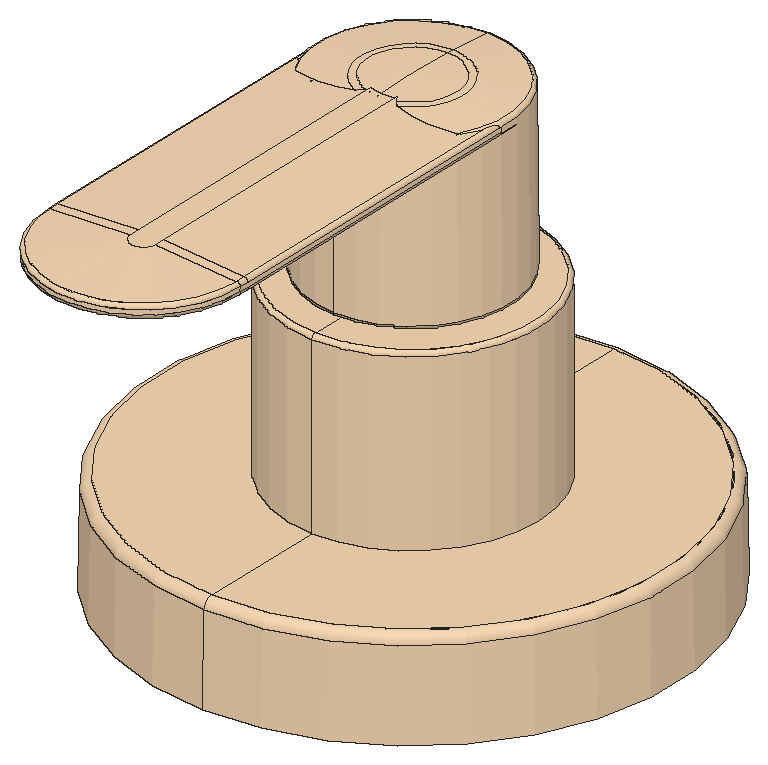
Revit family "Shower-Valve_Trim-KALLISTA-Capsule-P34134", category Specialty Equipment, host Face, Revit 2021
Family settings
  Host = Face
  Round Connector Dimension = Use Diameter
  Part Type = Normal
  OmniClass Number = 23.31.25.00
  OmniClass Title = Toilet and Bath Specialties
  Cut with Voids When Loaded = No
  Shared = No
  Room Calculation Point = No
Parameters (values of type "2MB-Brushed Brass")
  Width = 3 191/256"  # constant formula
  WaterSense Certified = 1 = 0  # no
  URL = "https://www.kallista.com/"
  Type = 6
  Product Page URL = ""
  Product Name = "Capsule"  # constant formula
  Product Documentation Link = "https://resources.kohler.com/interiors/kallista/pdf/P34134-LV_spec_US-CA_Kallista_en.pdf"
  Model = if(Type = 1, "P34134-LV-BAF", if(Type = 2, "P34134-LV-BL", if(Type = 3, "P34134-LV-BN", if(Type = 4, "P34134-LV-CP", if(Type = 5, "P34134-LV-SN", if(Type = 6, "P34134-LV-2MB", "NA"))))))  # "P34134-LV-2MB"
  Material = "Premium Metal Construction"  # constant formula
  Master Format 2014 Name = "Toilet, Bath, and Laundry Accessories"  # constant formula
  Master Format 2014 = "10 28 00"  # constant formula
  Manufacturer Address = "444 Highland Dr, Kohler, WI 53044"  # constant formula
  Manufacturer = "Kallista Co."  # constant formula
  Length = 3 31/128"  # constant formula
  Height = 4 31/32"  # constant formula
  Handle Clearance = 3 3/32"  # constant formula
  Finish = Kallista-Metal-2MB-Brushed_Brass
  Environmental Product Declaration = ""
  Description = "Volume Control Lever"  # constant formula
  Default Elevation = 42"
  Declare Label = ""
  Date Modified = "12/31/2024"  # constant formula
  Date Created = "08/30/2023"  # constant formula
  Copyright = "Copyright Kallista Co."  # constant formula
  Contact Us = "https://www.kallista.com/corporate/contact-us/"
  Assembly Code = "C1030200"
  ADA Compliant = 1 = 0  # no
Types (7): name | Type | Product Page URL | Model | Finish
  (no name) | 6 | "" | "P34134-LV-2MB" | Kallista-Metal-2MB-Brushed_Brass
  BAF-Brushed French Gold | 1 | "https://www.kallista.com/products/luxury-bathroom/showering/shower-trim/002-volume-control-trim-lever-handle-p34134-lv/baf-brushed-french-gold" | "P34134-LV-BAF" | Kallista-Metal-BAF-Brushed_French_Gold
  BL-Matte Black | 2 | "https://www.kallista.com/products/luxury-bathroom/showering/shower-trim/002-volume-control-trim-lever-handle-p34134-lv/bl-matte-black" | "P34134-LV-BL" | Kallista-Metal-BL-Matte_Black
  BN-Brushed Nickel | 3 | "https://www.kallista.com/products/luxury-bathroom/showering/shower-trim/002-volume-control-trim-lever-handle-p34134-lv" | "P34134-LV-BN" | Kallista-Metal-BN-Brushed_Nickel
  CP-Chrome | 4 | "https://www.kallista.com/products/luxury-bathroom/showering/shower-trim/002-volume-control-trim-lever-handle-p34134-lv/cp-chrome" | "P34134-LV-CP" | Kallista-Metal-CP-Chrome
  SN-Polished Nickel | 5 | "https://www.kallista.com/products/luxury-bathroom/showering/shower-trim/002-volume-control-trim-lever-handle-p34134-lv/sn-polished-nickel" | "P34134-LV-SN" | Kallista-Metal-SN-Polished_Nickel
  2MB-Brushed Brass | 6 | "" | "P34134-LV-2MB" | Kallista-Metal-2MB-Brushed_Brass
Reference planes (in)
  plane 1 "Center (Front/Back)": y = 0
  plane 2: z = 0
  plane 3 "Center (Left/Right)": x = 0
  plane 4: y = 1.875
  plane 5: x = 1.87402
  plane 6: x = -1.87208
  plane 7: y = -3.09375
  plane 8: y = -0.89961
  plane 9: y = -1.87303
  plane 10: y = 0.89961
  plane 11: x = -0.68821
  plane 12: x = 0.68974
  plane 13: z = 3.24219
Dimensions and locks (in)
  "Height": plane 4 to plane 7
  "Width": plane 6 to plane 5
  "Length": plane 13 to level
  plane 11 to plane 12 = 1.37795"
  plane 4 to plane 9 = 3.74803"
  plane 5 to plane 6 = 3 191/256"
  "Handle Clearance": plane 1 "Center (Front/Back)" to plane 7
  aligned and locked: plane 2 to host face
  aligned and locked: level to host face
Automatic sketch dimensions
  host sketch curve to host sketch curve = 96"  (x2)
Nested families (in)
  nested 1: "P34134" at (0, 0, 0), type "P34134"
Definition of nested family "P34134"
  Parameters (values of type "P34134")
    Material = none
    Default Elevation = 0"
  Reference planes (in)
    plane 1 "Center (Front/Back)": y = 0
    plane 2: z = 0
    plane 3 "Center (Left/Right)": x = 0
    plane 4: y = 1.87402
    plane 5: y = -1.87402
    plane 6: y = -3.09449
    plane 7: y = -0.89961
    plane 8: y = 0.89961
    plane 9: z = 3.24409
    plane 10: x = 1.87402
    plane 11: x = -1.87402
    plane 12: x = 0.68974
    plane 13: x = -0.68821
    plane 14: z = 0.70079
  Forms (in)
    Revolve 1, solid, material <- "Material", detail levels medium+fine
      sketch origin (0, 0, 0) x (0, 1, 0) y (0, 0, 1)
        loop
          line (0, 0) -> (1.875, 0) -> (1.86396, 0.63248)
          arc (1.86396, 0.63248) -> (1.84336, 0.68042) -> (1.79507, 0.70017) r 0.0689
          line (1.79507, 0.70017) -> (0.89961, 0.70017) -> (0.89961, 1.94068)
          arc (0.89961, 1.94068) -> (0.89096, 1.96156) -> (0.87008, 1.97021) r 0.02953
          line (0.87008, 1.97021) -> (0.355, 1.97021) -> (0.355, 2.00498) -> (0.68206, 2.00498)
          arc (0.68206, 2.00498) -> (0.69632, 2.01091) -> (0.70216, 2.02521) r 0.0201
          line (0.70216, 2.02521) -> (0.69507, 3.18532)
          arc (0.69507, 3.18532) -> (0.68753, 3.20444) -> (0.66906, 3.21348) r 0.02843
          line (0.66906, 3.21348) -> (0.36322, 3.2396)
          arc (0.36322, 3.2396) -> (0.33891, 3.24133) -> (0.31455, 3.24236) r 0.85071
          line (0.31455, 3.24236) -> (0, 3.25115) -> (0, 0)
        axis (0, 0) -> (0, 3.25115)
      angle from 0 to 360
    Sweep 2, solid, material <- "Material", detail levels medium+fine
      path origin (0, 0, 0) x (1, 0, 0) y (0, 1, 0)
        loop
          line (0.68974, -2.33944) -> (0.68974, -2.40652)
          arc (0.68974, -2.40652) -> (0.00076, -3.0955) -> (-0.68821, -2.40652) r 0.68898
          line (-0.68821, -2.40652) -> (-0.68821, -2.33944)
      profile origin (-0.68821, -2.40652, 0) x (-1, 0, 0) y (0, 0, 1)
        loop
          arc (0, 3.18045) -> (-0.00714, 3.19929) -> (-0.02498, 3.20866) r 0.02841
          arc (-0.02498, 3.20866) -> (-0.31131, 3.23473) -> (-0.5987, 3.24343) r 4.74979
          line (-0.5987, 3.24343) -> (-0.65506, 3.24343) -> (-0.65506, 2.93726) -> (-0.61505, 2.93726)
          arc (-0.61505, 2.93726) -> (-0.34468, 2.97286) -> (-0.09273, 3.07722) r 1.04464
          line (-0.09273, 3.07722) -> (-0.01548, 3.12182)
          arc (-0.01548, 3.12182) -> (-0.00415, 3.13315) -> (0, 3.14863) r 0.03096
          line (0, 3.14863) -> (0, 3.18045)
    Extrusion 3, solid, material <- "Material", detail levels medium+fine
      sketch origin (0, 0, 0) x (1, 0, 0) y (0, 1, 0)
        loop
          line (0.03469, -2.33944) -> (-0.03316, -2.33944) -> (-0.03316, -2.40652)
          arc (-0.03316, -2.40652) -> (0.00076, -2.44044) -> (0.03469, -2.40652) r 0.03392
          line (0.03469, -2.40652) -> (0.03469, -2.33944)
      from 2.93726 to 3.24343
    Extrusion 4, solid, material <- "Material", detail levels medium+fine
      sketch origin (0, 0, 0) x (1, 0, 0) y (0, 0, 1)
        loop
          arc (-0.66323, 3.20866) -> (-0.68107, 3.19929) -> (-0.68821, 3.18045) r 0.02841
          line (-0.68821, 3.18045) -> (-0.68821, 3.14863)
          arc (-0.68821, 3.14863) -> (-0.68406, 3.13315) -> (-0.67273, 3.12182) r 0.03096
          line (-0.67273, 3.12182) -> (-0.59548, 3.07722)
          arc (-0.59548, 3.07722) -> (-0.34353, 2.97286) -> (-0.07316, 2.93726) r 1.04464
          line (-0.07316, 2.93726) -> (0.07469, 2.93726)
          arc (0.07469, 2.93726) -> (0.34506, 2.97286) -> (0.59701, 3.07722) r 1.04464
          line (0.59701, 3.07722) -> (0.67426, 3.12182)
          arc (0.67426, 3.12182) -> (0.68559, 3.13315) -> (0.68974, 3.14863) r 0.03096
          line (0.68974, 3.14863) -> (0.68974, 3.18045)
          arc (0.68974, 3.18045) -> (0.6826, 3.19929) -> (0.66476, 3.20866) r 0.02841
          arc (0.66476, 3.20866) -> (0.37843, 3.23473) -> (0.09104, 3.24343) r 4.74979
          line (0.09104, 3.24343) -> (-0.08951, 3.24343)
          arc (-0.08951, 3.24343) -> (-0.3769, 3.23473) -> (-0.66323, 3.20866) r 4.74979
      from -0.06532 to 2.33944
    Revolve 5, solid, material <- "Material", detail levels coarse
      sketch origin (0, 0, 0) x (0, 1, 0) y (0, 0, 1)
        loop
          line (0, 0) -> (1.875, 0) -> (1.86278, 0.70017) -> (0.89961, 0.70017) -> (0.89961, 1.97021) -> (0.355, 1.97021) -> (0.355, 2.00498) -> (0.70216, 2.00498) -> (0.70216, 3.25115) -> (0, 3.25115) -> (0, 0)
        axis (0, 0) -> (0, 3.25115)
      angle from 0 to 360
    Extrusion 6, solid, material <- "Material", detail levels coarse
      sketch origin (0, 0, 0) x (1, 0, 0) y (0, 0, 1)
        loop
          line (0.68974, 3.25115) -> (-0.68821, 3.25115) -> (-0.68821, 3.14863)
          arc (-0.68821, 3.14863) -> (-0.68406, 3.13315) -> (-0.67273, 3.12182) r 0.03096
          line (-0.67273, 3.12182) -> (-0.59548, 3.07722)
          arc (-0.59548, 3.07722) -> (-0.34353, 2.97286) -> (-0.07316, 2.93726) r 1.04464
          line (-0.07316, 2.93726) -> (0.07469, 2.93726)
          arc (0.07469, 2.93726) -> (0.34506, 2.97286) -> (0.59701, 3.07722) r 1.04464
          line (0.59701, 3.07722) -> (0.67426, 3.12182)
          arc (0.67426, 3.12182) -> (0.68559, 3.13315) -> (0.68974, 3.14863) r 0.03096
          line (0.68974, 3.14863) -> (0.68974, 3.25115)
      from 0 to 3.09561
  Cuts and joins
    joined: Sweep 2, Extrusion 3, Extrusion 4
    joined: Revolve 5, Extrusion 6
  Lines and regions (in)
    Masking region 1
      outline origin (0, 0, 0) x (0, 1, 0) y (0, 0, 1)
        loop
          line (1.875, 0) -> (1.86398, 0.63116)
          arc (1.86398, 0.63116) -> (1.8428, 0.68047) -> (1.79313, 0.70079) r 0.07087
          line (1.79313, 0.70079) -> (0.89961, 0.70079) -> (0.89961, 1.94082)
          arc (0.89961, 1.94082) -> (0.89106, 1.96146) -> (0.87043, 1.97) r 0.02918
          line (0.87043, 1.97) -> (0.35501, 1.97) -> (0.35501, 2.00503) -> (0.68248, 2.00503)
          arc (0.68248, 2.00503) -> (0.6964, 2.0108) -> (0.70217, 2.02472) r 0.01969
          line (0.70217, 2.02472) -> (0.69561, 3.18628)
          arc (0.69561, 3.18628) -> (0.6901, 3.20048) -> (0.67654, 3.20741) r 0.02138
          arc (0.67654, 3.20741) -> (0.33877, 3.23492) -> (0, 3.24409) r 6.25728
          line (0, 3.24409) -> (-2.39922, 3.24409)
          arc (-2.39922, 3.24409) -> (-2.73778, 3.23483) -> (-3.07532, 3.20705) r 6.18758
          arc (-3.07532, 3.20705) -> (-3.08899, 3.20002) -> (-3.09449, 3.18565) r 0.02152
          line (-3.09449, 3.18565) -> (-3.09449, 3.1477)
          arc (-3.09449, 3.1477) -> (-3.09028, 3.13115) -> (-3.07868, 3.11861) r 0.03467
          arc (-3.07868, 3.11861) -> (-2.75354, 2.97223) -> (-2.39947, 2.93) r 1.17617
          line (-2.39947, 2.93) -> (-1.19942, 2.93)
          arc (-1.19942, 2.93) -> (-0.84896, 2.78798) -> (-0.69625, 2.44204) r 0.50341
          line (-0.69625, 2.44204) -> (-0.69602, 2.02471)
          arc (-0.69602, 2.02471) -> (-0.69024, 2.0108) -> (-0.67632, 2.00503) r 0.01969
          line (-0.67632, 2.00503) -> (-0.35501, 2.00503) -> (-0.35501, 1.97) -> (-0.87043, 1.97)
          arc (-0.87043, 1.97) -> (-0.89106, 1.96146) -> (-0.89961, 1.94082) r 0.02918
          line (-0.89961, 1.94082) -> (-0.89961, 0.70079) -> (-1.79313, 0.70079)
          arc (-1.79313, 0.70079) -> (-1.8428, 0.68047) -> (-1.86398, 0.63116) r 0.07087
          line (-1.86398, 0.63116) -> (-1.875, 0) -> (1.875, 0)
    Masking region 2
      outline origin (0, 0, 0) x (1, 0, 0) y (0, 1, 0)
        loop
          arc (-0.71853, 1.73079) -> (-1.32539, 1.32487) -> (-1.73107, 0.71786) r 1.87402
          arc (-1.73107, 0.71786) -> (-1.83793, 0.36598) -> (-1.87402, 0) r 1.87402
          arc (-1.87402, 0) -> (-1.84132, -0.34853) -> (-1.74438, -0.68489) r 1.87402
          arc (-1.74438, -0.68489) -> (-1.32639, -1.32387) -> (-0.68821, -1.74307) r 1.87402
          line (-0.68821, -1.74307) -> (-0.68821, -2.39985)
          arc (-0.68821, -2.39985) -> (-0.55936, -2.80079) -> (-0.22105, -3.05159) r 0.68821
          arc (-0.22105, -3.05159) -> (-0.11198, -3.08053) -> (0, -3.09449) r 0.83448
          arc (0, -3.09449) -> (0.08881, -3.08394) -> (0.17625, -3.06511) r 0.95368
          arc (0.17625, -3.06511) -> (0.5454, -2.81958) -> (0.68821, -2.39985) r 0.68821
          line (0.68821, -2.39985) -> (0.68821, -1.74307)
          arc (0.68821, -1.74307) -> (1.30184, -1.34802) -> (1.71803, -0.74854) r 1.87402
          arc (1.71803, -0.74854) -> (1.83461, -0.38231) -> (1.87402, 0) r 1.87402
          arc (1.87402, 0) -> (1.84447, 0.33145) -> (1.75677, 0.65245) r 1.87402
          arc (1.75677, 0.65245) -> (1.34523, 1.30471) -> (0.70586, 1.736) r 1.87402
          arc (0.70586, 1.736) -> (0.35961, 1.83919) -> (0, 1.87402) r 1.87402
          arc (0, 1.87402) -> (-0.36633, 1.83786) -> (-0.71853, 1.73079) r 1.87402
    Masking region 3
      outline origin (0, 0, 0) x (1, 0, 0) y (0, 0, 1)
        loop
          line (-1.875, 0) -> (1.875, 0) -> (1.864, 0.63033)
          arc (1.864, 0.63033) -> (1.84281, 0.67965) -> (1.79314, 0.69997) r 0.07087
          line (1.79314, 0.69997) -> (0.9, 0.69997) -> (0.9, 1.94048)
          arc (0.9, 1.94048) -> (0.89135, 1.96135) -> (0.87047, 1.97) r 0.02953
          line (0.87047, 1.97) -> (0.35259, 1.97) -> (0.35259, 2.00502) -> (0.66853, 2.00502)
          arc (0.66853, 2.00502) -> (0.68244, 2.01078) -> (0.68821, 2.0247) r 0.01969
          line (0.68821, 2.0247) -> (0.68821, 3.1874)
          arc (0.68821, 3.1874) -> (0.68283, 3.20144) -> (0.66945, 3.20828) r 0.021
          arc (0.66945, 3.20828) -> (0.38437, 3.23231) -> (0.09849, 3.24332) r 6.27515
          arc (0.09849, 3.24332) -> (0.04925, 3.2439) -> (0, 3.24409) r 6.27515
          arc (0, 3.24409) -> (-0.04626, 3.24392) -> (-0.09252, 3.24341) r 6.27515
          arc (-0.09252, 3.24341) -> (-0.38139, 3.23249) -> (-0.66945, 3.20828) r 6.27515
          arc (-0.66945, 3.20828) -> (-0.68283, 3.20144) -> (-0.68821, 3.1874) r 0.021
          line (-0.68821, 3.1874) -> (-0.68821, 2.0247)
          arc (-0.68821, 2.0247) -> (-0.68244, 2.01078) -> (-0.66853, 2.00502) r 0.01969
          line (-0.66853, 2.00502) -> (-0.35259, 2.00502) -> (-0.35259, 1.97) -> (-0.87047, 1.97)
          arc (-0.87047, 1.97) -> (-0.89135, 1.96135) -> (-0.9, 1.94048) r 0.02953
          line (-0.9, 1.94048) -> (-0.9, 0.69997) -> (-1.79314, 0.69997)
          arc (-1.79314, 0.69997) -> (-1.84281, 0.67965) -> (-1.864, 0.63033) r 0.07087
          line (-1.864, 0.63033) -> (-1.875, 0)
    symbolic lines
      curve 1: line (0, 1.864, 0.63023) -> (0, -1.864, 0.63023)
      curve 2: line (0, 0.89961, 0.70079) -> (0, -0.89961, 0.70079)
      curve 3: line (0, 0.89961, 1.94082) -> (0, -0.89961, 1.94082)
      curve 4: line (0, 0.35501, 1.97) -> (0, -0.35501, 1.97)
      curve 5: line (0, 0.35501, 2.00503) -> (0, -0.35501, 2.00503)
      curve 6: line (0, 0.70217, 2.02472) -> (0, -0.69602, 2.02472)
      curve 7: line (0, -3.09449, 3.18565) -> (0, 0.69561, 3.18628)
      curve 8: line (0, 0.67654, 3.20741) -> (0, -3.07532, 3.20705)
      curve 9: line (0, -3.07868, 3.11861) -> (0, -0.71647, 3.11861)
      curve 10: line (0, -3.09449, 3.1477) -> (0, -0.77427, 3.1477)
      curve 11: arc (0, -0.77427, 3.1477) -> (0, -0.37754, 3.02624) -> (0, -0.11681, 2.70349) r 0.70866
      curve 12: arc (0, -0.11681, 2.70349) -> (0, -0.07643, 2.57353) -> (0, -0.05759, 2.43874) r 0.83898
      curve 13: line (0, -0.05759, 2.43874) -> (0, 0.00596, 2.00503)
      curve 14: arc (0, -0.71647, 3.11861) -> (0, -0.27735, 2.88497) -> (0, -0.05759, 2.43874) r 0.80993
      curve 15: line (0, -0.11681, 2.70349) -> (0, 0, 2.70349)
      curve 16: arc (0, 0, 2.70349) -> (0, 0.01517, 2.70003) -> (0, 0.02735, 2.69033) r 0.03499
      curve 17: arc (0, 0.02735, 2.69033) -> (0, 0.05558, 2.64685) -> (0, 0.07482, 2.59869) r 0.26523
      curve 18: arc (0, 0.07482, 2.59869) -> (0, 0.09417, 2.52099) -> (0, 0.10757, 2.44204) r 1.05293
      curve 19: arc (0, 0.11375, 2.38091) -> (0, 0.13154, 2.19248) -> (0, 0.15778, 2.00503) r 4.21137
      curve 20: line (0, 0.02735, 2.69033) -> (0, -0.11164, 2.69033)
      curve 21: line (0, 0.10757, 2.44204) -> (0, -0.69625, 2.44204)
      curve 22: arc (0, 0.10757, 2.44204) -> (0, 0.1111, 2.41152) -> (0, 0.11375, 2.38091) r 1.05293
      curve 23: line (0, -0.71647, 3.11861) -> (0, -1.19942, 2.93)
      curve 24: line (0, -2.39922, 3.24409) -> (0, -2.39947, 2.93)
      curve 25: line (-0.68821, -1.74307, 0) -> (-0.68821, 0.00618, 0)
      curve 26: line (0.68821, -1.74307, 0) -> (0.68821, 0.00618, 0)
      curve 27: arc (-0.68821, 0.00618, 0) -> (0, 0.69439, 0) -> (0.68821, 0.00618, 0) r 0.68821
      curve 28: line (-0.66853, -1.74307, 0) -> (-0.66853, 0.00618, 0)
      curve 29: arc (-0.66853, 0.00618, 0) -> (0, 0.67471, 0) -> (0.66853, 0.00618, 0) r 0.66853
      curve 30: line (0.66853, -1.74307, 0) -> (0.66853, 0.00618, 0)
      curve 31: line (0.66853, -1.74307, 0) -> (0.66853, -2.39985, 0)
      curve 32: line (-0.66853, -1.74307, 0) -> (-0.66853, -2.39985, 0)
      curve 33: arc (-0.66853, -2.39985, 0) -> (-0.54336, -2.78932, 0) -> (-0.21473, -3.03295, 0) r 0.66853
      curve 34: arc (-0.00015, -3.07476, 0) -> (0.0862, -3.06442, 0) -> (0.17121, -3.04608, 0) r 0.934
      curve 35: arc (-0.21473, -3.03295, 0) -> (-0.10885, -3.06109, 0) -> (-0.00015, -3.07476, 0) r 0.81479
      curve 36: arc (0.17121, -3.04608, 0) -> (0.5298, -2.80757, 0) -> (0.66853, -2.39985, 0) r 0.66853
      curve 37: arc (-0.68821, -0.57965, 0) -> (0, 0.89961, 0) -> (0.68821, -0.57965, 0) r 0.89972
      curve 38: arc (-0.68821, -0.53587, 0) -> (0, 0.87205, 0) -> (0.68821, -0.53587, 0) r 0.87216
      curve 39: arc (0.6762, 1.66306, 0) -> (0.3445, 1.76191, 0) -> (0, 1.79528, 0) r 1.79528
      curve 40: arc (0, 1.79528, 0) -> (-0.35094, 1.76064, 0) -> (-0.68834, 1.65807, 0) r 1.79528
      curve 41: arc (-0.68834, 1.65807, 0) -> (-1.2697, 1.26921, 0) -> (-1.65834, 0.6877, 0) r 1.79528
      curve 42: arc (-1.65834, 0.6877, 0) -> (-1.76071, 0.3506, 0) -> (-1.79528, 0, 0) r 1.79528
      curve 43: arc (-1.79528, 0, 0) -> (-1.76396, -0.33388, 0) -> (-1.67109, -0.65611, 0) r 1.79528
      curve 44: arc (-1.67109, -0.65611, 0) -> (-1.28163, -1.25715, 0) -> (-0.68821, -1.65813, 0) r 1.79528
      curve 45: arc (0.68821, -1.65813, 0) -> (1.25831, -1.2805, 0) -> (1.64584, -0.71708, 0) r 1.79528
      curve 46: arc (1.64584, -0.71708, 0) -> (1.75752, -0.36624, 0) -> (1.79528, 0, 0) r 1.79528
      curve 47: arc (1.79528, 0, 0) -> (1.76697, 0.31752, 0) -> (1.68296, 0.62504, 0) r 1.79528
      curve 48: arc (1.68296, 0.62504, 0) -> (1.28871, 1.24989, 0) -> (0.6762, 1.66306, 0) r 1.79528
      curve 49: line (-0.68821, 0, 3.1874) -> (0.68821, 0, 3.1874)
      curve 50: line (0.66945, 0, 3.20828) -> (-0.66945, 0, 3.20828)
      curve 51: line (-0.68821, 0, 2.0247) -> (0.68821, 0, 2.0247)
      curve 52: line (-0.35259, 0, 2.00502) -> (0.35259, 0, 2.00502)
      curve 53: line (-0.35259, 0, 1.97) -> (0.35259, 0, 1.97)
      curve 54: line (-0.9, 0, 1.94048) -> (0.9, 0, 1.94048)
      curve 55: line (-0.9, 0, 0.69997) -> (0.9, 0, 0.69997)
      curve 56: line (-1.864, 0, 0.63033) -> (1.864, 0, 0.63033)
  Dimensions and locks (in)
    aligned and locked: plane 2 to level
